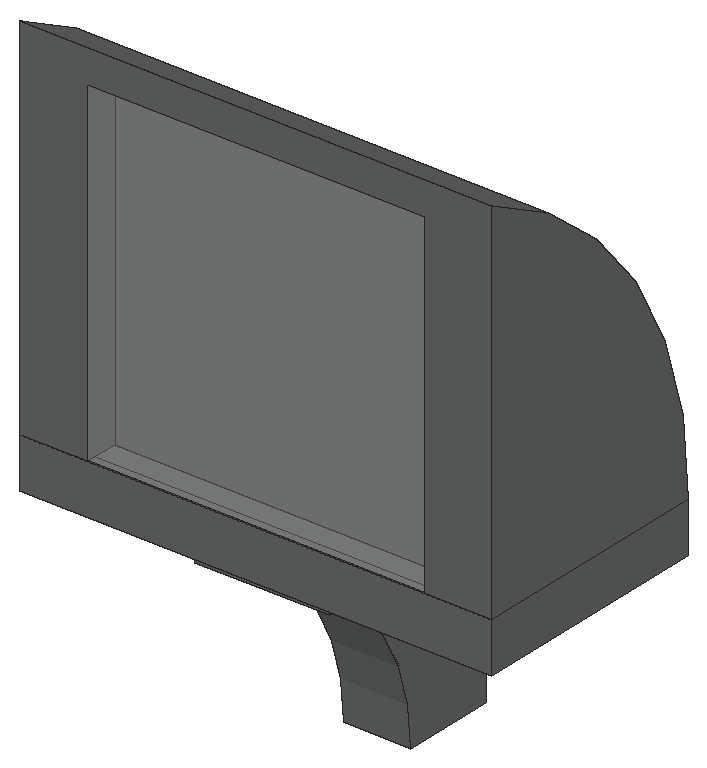
Revit family "Cruzer", category Lighting Fixtures, host Face, Revit 2021
Family settings
  Host = Face
  Round Connector Dimension = Use Diameter
  Part Type = Normal
  OmniClass Number = 23.80.70.14.21
  OmniClass Title = Street and Roadway Lighting
  Cut with Voids When Loaded = No
  Light Source = Yes
  Shared = No
  Room Calculation Point = No
Parameters (values of type "Basic Black Textured")
  Wattage Comments = "27,55,80,110 & 136 Watts"  # constant formula
  Wattage = 27 W
  built-in parameter 1150110 = 1 (stored number, unit not read)
  Voltage = 120 V
  URL = "https://www.currentlighting.com/beacon"
  built-in parameter 1114217 = 1 (stored number, unit not read)
  Tilt Angle = 90.00°  # constant formula
  built-in parameter 1150109 = 1 (stored number, unit not read)
  built-in parameter 1150134 = 3
  built-in parameter 1150113 = 1 (stored number, unit not read)
  Product Page URL = ""
  Product Documentation Link = ""
  Photometric Web File = "CRZ-24NB-27-3K-T2.ies"
  Mounting Option = AM : AM
  Model = "CRUZER"  # constant formula
  Manufacturer = "Beacon Products"  # constant formula
  built-in parameter 1150105 = 319.16 (stored number, unit not read)
  Lumens = 4010.63 lm
  built-in parameter 1150115 = 1 (stored number, unit not read)
  Load Classification = Lighting
  built-in parameter 1150137 = (empty or 0)
  built-in parameter 1150139 = (empty or 0)
  built-in parameter 1150112 = 1 (stored number, unit not read)
  built-in parameter 1150114 = 1 (stored number, unit not read)
  Lamp = "LED"
  Input Wattage = 27 W
  built-in parameter 1150132 = (empty or 0)
  built-in parameter 1150102 = (empty or 0)
  built-in parameter 1150107 = 3200 (stored number, unit not read)
  built-in parameter 1150138 = (empty or 0)
  built-in parameter 1150106 = 3.1916 (stored number, unit not read)
  Glass = Glass
  Product Material = Paint - Basic Black Textured
  Emit from Rectangle Width = 10.00"  # constant formula
  Emit from Rectangle Length = 10.00"  # constant formula
  Emit Shape Visible in Rendering = no
  built-in parameter 1150104 = 13.8 (stored number, unit not read)
  Dimming Lamp Color Temperature Shift = <None>
  Description = "Cruzer Area Luminaire"  # constant formula
  Default Elevation = 48.00"
  Color Filter = 16777215
  built-in parameter 1114218 = 1 (stored number, unit not read)
  built-in parameter 1150133 = 10 (stored number, unit not read)
  Assembly Code = ""
  Apparent Load = 0 VA
Types (12): name | Product Material | Assembly Code
  Basic Black Textured | Paint - Basic Black Textured | ""
  Black Matte Textured | Paint - Black Matte Textured | ""
  Bronze Textured | Paint -  Bronze Textured | ""
  Dark Bronze Textured | Paint -  Dark Bronze Textured | ""
  Dark Platinum Smooth | Paint - Dark Platinum Smooth | ""
  Gray Smooth | Paint - Gray Smooth | ""
  Green Textured | Paint - Green Textured | ""
  Metallic Bronze Textured | Paint - Metallic Bronze Textured | ""
  Metallic Silver Textured | Paint -Metallic Silver Textured | ""
  Metallic Titanium Textured | Paint - Metallic Titanium Textured | ""
  Old World Iron | Paint - Old World Iron | ""
  White Texture | Paint - White Texture | "D5020280"
Reference planes (in)
  plane 1 "Center (Front/Back)": y = 0
  plane 2: z = 0
  plane 3 "Center (Left/Right)": x = 0
Dimensions and locks (in)
  aligned and locked: plane 2 to host face
  aligned and locked: level to host face
  aligned and locked: plane 3 "Center (Left/Right)" to nested 1
  aligned and locked: plane 1 "Center (Front/Back)" to nested 1
  aligned and locked: plane 3 "Center (Left/Right)" to nested 2
  aligned and locked: plane 1 "Center (Front/Back)" to nested 2
  aligned and locked: imposter light to nested 2
Nested families (in)
  nested 1: "AM" at (0, 0, 0), type <- "Mounting Option", type "AM"
  nested 2: "CRZ" at (0, -3.625, 6), type "CRZ"
Connectors (in)
  electrical at (0, 0.125, 6), driven by "Voltage", driven by "Load Classification", driven by "Apparent Load"
    settings: on nested 1, index 1, voltage 120 V, apparent load 0 VA, apparent load phase1 0 VA, apparent load phase2 0 VA, apparent load phase3 0 VA, power factor 1, load classification "Lighting", number of poles 1, system type 30, power factor state 1, is connector primary yes, connector utility no, sub classification motor no, connector description "Electrical Connector"
Definition of nested family "AM"
  Parameters
    Product Material = none
    Default Elevation = 0.00"
  Reference planes (in)
    plane 1 "Center (Front/Back)": y = 0
    plane 2: z = 0
    plane 3 "Center (Left/Right)": x = 0
    plane 4: z = 6
    plane 5: y = -3.625
    plane 6: x = -1
    plane 7: x = 1
    plane 8: y = 3.625
    plane 9: z = 5.75
  Forms (in)
    Extrusion 1, solid, material <- "Product Material"
      sketch origin (0, 0, 0) x (0, 1, 0) y (0, 0, 1)
        loop
          line (3.625, 0) -> (3.625, 5.75) -> (-2.875, 5.75)
          arc (-2.875, 5.75) -> (-0.13956, 3.43615) -> (0.875, 0) r 6.24798
          line (0.875, 0) -> (3.625, 0)
      from -1 to 1
    Extrusion 2, solid, material <- "Product Material"
      sketch origin (0.06017, 0, 0) x (1, 0, 0) y (0, 1, 0)
        loop
          line (-2.06017, 3.625) -> (-2.06017, -3.375) -> (1.93983, -3.375) -> (1.93983, 3.625) -> (-2.06017, 3.625)
      from 5.75 to 6
  Dimensions and locks (in)
    locked: plane 4 to level at 6
    aligned and locked: plane 2 to level
    aligned and locked: Extrusion 1 to plane 6
    aligned and locked: plane 4 to Extrusion 2
    aligned and locked: Extrusion 2 to plane 9
Definition of nested family "CRZ"
  Parameters
    Voltage = 0 V
    URL = ""
    Total Input Wattage = ""
    Product Page URL = ""
    Product Documentation Link = ""
    Model = ""
    Manufacturer Phone = ""
    Manufacturer Fax = ""
    Manufacturer = ""
    Lens = none
    Finish = none
    Description = ""
    Default Elevation = 48.00"
    Apparent Load = 0 VA
  Reference planes (in)
    plane 1 "Center (Front/Back)": y = 0
    plane 2: z = 0
    plane 3 "Center (Left/Right)": x = 0
    plane 4: x = 7
    plane 5: x = -7
    plane 6: z = 12.5
    plane 7: y = 7.25
    plane 8: z = 1.5
    plane 9: x = -5
    plane 10: x = 5
    plane 11: z = 11.5
    plane 12: y = 1
    plane 13: y = 0.25
    plane 14: y = 3.625
  Forms (in)
    Extrusion 1, solid
      sketch origin (0, 0, 0) x (1, 0, 0) y (0, 1, 0)
        loop
          line (-48, 48) -> (-48, -48) -> (48, -48) -> (48, 48) -> (-48, 48)
      from 0 to -12
    Extrusion 2, solid, material <- "Finish"
      sketch origin (0, 0, 0) x (1, 0, 0) y (0, 1, 0)
        loop
          line (-7, 7.25) -> (-7, 0) -> (7, 0) -> (7, 7.25) -> (-7, 7.25)
      from 0 to 1.5
    Extrusion 3, solid, material <- "Finish"
      sketch origin (0, 0, 0) x (0, 1, 0) y (0, 0, 1)
        loop
          line (0, 1.5) -> (7.25, 1.5)
          arc (7.25, 1.5) -> (5.32763, 8.12219) -> (0, 12.5) r 11.65882
          line (0, 12.5) -> (0, 1.5)
      from -7 to 7
    Extrusion 4, void
      sketch origin (0, -4.1, 25.58567) x (0, 0, 1) y (1, 0, 0)
        loop
          line (-14.08567, -5) -> (-14.08567, 5) -> (-24.08567, 5) -> (-24.08567, -5) -> (-14.08567, -5)
      from 4.1 to 5.1
    Extrusion 5, solid, material <- "Lens"
      sketch origin (0, -4.1, 25.58567) x (0, 0, 1) y (1, 0, 0)
        loop
          line (-14.08567, -5) -> (-14.08567, 5) -> (-24.08567, 5) -> (-24.08567, -5) -> (-14.08567, -5)
      from 4.1 to 4.35
  Cuts and joins
    Extrusion 4 cuts Extrusion 2
    Extrusion 4 cuts Extrusion 3
  Dimensions and locks (in)
    equal spacing: plane 5, plane 3 "Center (Left/Right)", plane 4
    plane 5 to plane 4 = 14.00"
    locked: plane 6 to level at 12.5
    locked: plane 1 "Center (Front/Back)" to plane 7 at 7.25
    locked: plane 8 to level at 1.5
    locked: plane 11 to plane 8 at 10
    plane 5 to plane 9 = 2.00"
    plane 4 to plane 10 = 2.00"
    equal spacing: plane 7, plane 14, plane 1 "Center (Front/Back)"
    aligned and locked: plane 2 to Extrusion 1
    aligned and locked: level to Extrusion 1
    aligned and locked: plane 7 to Extrusion 2 sketch curve
    aligned and locked: Extrusion 2 sketch curve to plane 5
    aligned and locked: Extrusion 2 sketch curve to plane 1 "Center (Front/Back)"
    aligned and locked: Extrusion 2 sketch curve to plane 4
    aligned and locked: plane 8 to Extrusion 2
    aligned and locked: plane 5 to Extrusion 3
    aligned and locked: plane 4 to Extrusion 3
    aligned and locked: plane 11 to Extrusion 4 sketch curve
    aligned and locked: plane 9 to Extrusion 4 sketch curve
    aligned and locked: Extrusion 4 sketch curve to plane 8
    aligned and locked: plane 10 to Extrusion 4 sketch curve
    aligned and locked: plane 1 "Center (Front/Back)" to Extrusion 4
    aligned and locked: cut or joined group of Extrusion 3, Extrusion 4 to plane 12
    aligned and locked: Extrusion 5 sketch curve to plane 9
    aligned and locked: Extrusion 5 sketch curve to plane 11
    aligned and locked: Extrusion 5 sketch curve to plane 10
    aligned and locked: plane 8 to Extrusion 5 sketch curve
    aligned and locked: plane 1 "Center (Front/Back)" to Extrusion 5
    aligned and locked: Extrusion 5 to plane 13
    aligned and locked: Extrusion 2 to level
  Automatic sketch dimensions
    Extrusion 1 sketch curve to Extrusion 1 sketch curve = 96.00"  (x2)
    Extrusion 3 sketch curve to plane 1 "Center (Front/Back)" = 0.00"
    Extrusion 3 sketch curve to plane 7 = 0.00"
    Extrusion 3 sketch curve to plane 8 = 0.00"
    Extrusion 3 sketch curve to plane 6 = 0.00"
    plane 8 to Extrusion 3 sketch curve = 0.20618"
